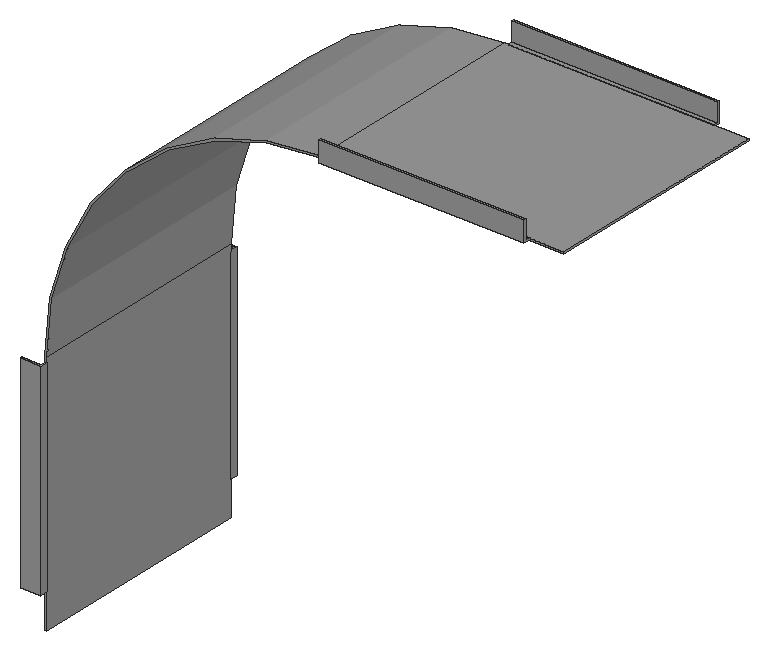
Revit family "Deckel für 90 Vertikalbogen, steigend", category Generic Models, Revit 2015
Parameters (values of type "DBV 100 S FS")
  Width 1 = 50 mm
  Width = 100 mm
  URL = "http://www.obo-bettermann.com"
  Material = Strip-galvanised
  Manufacturer Art.No. = "7130805"
  Manufacturer = "OBO Bettermann"
  GTIN = "4012195047568"
  Article Type = "DBV 100 S FS"
Types (15, lengths in mm): name | Width 1 | Width | Material | Manufacturer Art.No. | GTIN | Article Type
  (no name) | 50 | 100 | Strip-galvanised | "7130805" | "4012195047568" | "DBV 100 S FS"
  DBV 100 S FS | 50 | 100 | Strip-galvanised | "7130805" | "4012195047568" | "DBV 100 S FS"
  DBV 150 S FS | 75 | 150 | Strip-galvanised | "7130809" | "4012195047575" | "DBV 150 S FS"
  DBV 200 S FS | 100 | 200 | Strip-galvanised | "7130813" | "4012195047582" | "DBV 200 S FS"
  DBV 300 S FS | 150 | 300 | Strip-galvanised | "7130817" | "4012195047612" | "DBV 300 S FS"
  DBV 400 S FS | 200 | 400 | Strip-galvanised | "7130821" | "4012195047629" | "DBV 400 S FS"
  DBV 500 S FS | 250 | 500 | Strip-galvanised | "7130825" | "4012195047636" | "DBV 500 S FS"
  DBV 600 S FS | 300 | 600 | Strip-galvanised | "7130829" | "4012195047643" | "DBV 600 S FS"
  DBV 100 S DD | 50 | 100 | Strip galvanised zinc/aluminium, Double Dip | "7131508" | "4012195850915" | "DBV 100 S DD"
  DBV 150 S DD | 75 | 150 | Strip galvanised zinc/aluminium, Double Dip | "7131509" | "4012195874386" | "DBV 150 S DD"
  DBV 200 S DD | 100 | 200 | Strip galvanised zinc/aluminium, Double Dip | "7131510" | "4012195809265" | "DBV 200 S DD"
  DBV 300 S DD | 150 | 300 | Strip galvanised zinc/aluminium, Double Dip | "7131514" | "4012195874393" | "DBV 300 S DD"
  DBV 400 S DD | 200 | 400 | Strip galvanised zinc/aluminium, Double Dip | "7131518" | "4012195809272" | "DBV 400 S DD"
  DBV 500 S DD | 250 | 500 | Strip galvanised zinc/aluminium, Double Dip | "7131524" | "4012195874409" | "DBV 500 S DD"
  DBV 600 S DD | 300 | 600 | Strip galvanised zinc/aluminium, Double Dip | "7131527" | "4012195874416" | "DBV 600 S DD"
Reference planes
  plane 1 "Center (Front/Back)": y = 0
  plane 2: z = 0
  plane 3 "Center (Left/Right)": x = 0
  plane 4: y = 50
  plane 5: y = -50
  plane 6: z = 113.1
  plane 7: z = 112.3
  plane 8: x = 8.6
  plane 9: x = 97.6
  plane 10: x = -112.6
  plane 11: x = -111.8
  plane 12: x = -112.6
  plane 13: x = -111.8
  plane 14: z = -98.1
  plane 15: z = -9.1
Forms (mm)
  Extrusion 1, solid, material "Strip-galvanised" <- "Material"
    sketch origin (0, 0, 0) x (1, 0, 0) y (0, 0, 1)
      loop
        line (-112.6, -113.1) -> (-111.8, -113.1) -> (-111.8, -6.65)
        arc (-111.8, -6.65) -> (-76.96, 77.46) -> (7.15, 112.3) r 118.95
        line (7.15, 112.3) -> (112.6, 112.3) -> (112.6, 113.1) -> (7.15, 113.1)
        arc (7.15, 113.1) -> (-77.526, 78.026) -> (-112.6, -6.65) r 119.75
        line (-112.6, -6.65) -> (-112.6, -113.1)
    from -50 to 50
  Extrusion 2, solid, material "Strip-galvanised" <- "Material"
    sketch origin (0, 0, 0) x (0, 1, 0) y (0, 0, 1)
      loop
        line (50, 112.3) -> (53, 112.3) -> (53, 121.3) -> (52, 121.3) -> (52, 113.1) -> (50, 113.1) -> (50, 112.3)
      loop
        line (-50, 112.3) -> (-50, 113.1) -> (-52, 113.1) -> (-52, 121.3) -> (-53, 121.3) -> (-53, 112.3) -> (-50, 112.3)
    from 8.6 to 97.6
  Extrusion 3, solid, material "Strip-galvanised" <- "Material"
    sketch origin (0, 0, 0) x (1, 0, 0) y (0, 1, 0)
      loop
        line (-111.8, 50) -> (-111.8, 53) -> (-120.8, 53) -> (-120.8, 52) -> (-112.6, 52) -> (-112.6, 50) -> (-111.8, 50)
      loop
        line (-111.8, -50) -> (-112.6, -50) -> (-112.6, -52) -> (-120.8, -52) -> (-120.8, -53) -> (-111.8, -53) -> (-111.8, -50)
    from -98.1 to -9.1
Dimensions and locks
  "Width": plane 4 to plane 5
  "Width 1": plane 5 to plane 1 "Center (Front/Back)"
  locked: Extrusion 1 sketch curve to Extrusion 1 sketch curve at 226.2
  locked: Extrusion 1 sketch curve to level at 113.1
  locked: Extrusion 1 sketch curve to Extrusion 1 sketch curve at 225.2
  locked: plane 3 "Center (Left/Right)" to Extrusion 1 sketch curve at 112.6
  locked: Extrusion 1 sketch curve to Extrusion 1 sketch curve at 0.8  (x2)
  locked: Extrusion 2 sketch curve to Extrusion 1 at 3
  locked: Extrusion 2 sketch curve to Extrusion 2 sketch curve at 1  (x2)
  locked: Extrusion 1 to Extrusion 2 sketch curve at 9
  locked: plane 5 to Extrusion 2 sketch curve at 3
  locked: Extrusion 2 sketch curve to Extrusion 2 sketch curve at 9
  locked: plane 9 to plane 8 at 89
  locked: Extrusion 1 to plane 9 at 15
  locked: Extrusion 3 sketch curve to Extrusion 1 at 3  (x2)
  locked: Extrusion 3 sketch curve to Extrusion 3 sketch curve at 1  (x2)
  locked: Extrusion 3 sketch curve to Extrusion 3 sketch curve at 9  (x2)
  locked: plane 14 to Extrusion 1 at 15
  locked: plane 15 to plane 14 at 89
  radius of Extrusion 1 sketch curve = 118.95 mm
  radius of Extrusion 1 sketch curve = 119.75 mm
  aligned and locked: level to plane 2
  aligned and locked: plane 4 to Extrusion 1
  aligned and locked: Extrusion 1 to plane 5
  aligned and locked: plane 6 to Extrusion 1
  aligned and locked: plane 7 to Extrusion 1
  aligned and locked: plane 7 to Extrusion 2 sketch curve
  aligned and locked: Extrusion 2 sketch curve to plane 6
  aligned and locked: Extrusion 2 sketch curve to plane 4
  aligned and locked: plane 9 to Extrusion 2
  aligned and locked: Extrusion 2 to plane 8
  aligned and locked: plane 10 to Extrusion 1
  aligned and locked: Extrusion 3 sketch curve to plane 4
  aligned and locked: plane 11 to Extrusion 1
  aligned and locked: Extrusion 3 sketch curve to plane 11
  aligned and locked: plane 10 to Extrusion 3 sketch curve
  aligned and locked: plane 13 to Extrusion 3 sketch curve
  aligned and locked: Extrusion 3 sketch curve to plane 12
  aligned and locked: Extrusion 3 to plane 14
  aligned and locked: plane 15 to Extrusion 3
Automatic sketch dimensions
  Extrusion 2 sketch curve to plane 5 = 0 mm
  Extrusion 2 sketch curve to plane 7 = 0 mm
  Extrusion 2 sketch curve to plane 6 = 0 mm
  Extrusion 3 sketch curve to plane 5 = 0 mm
